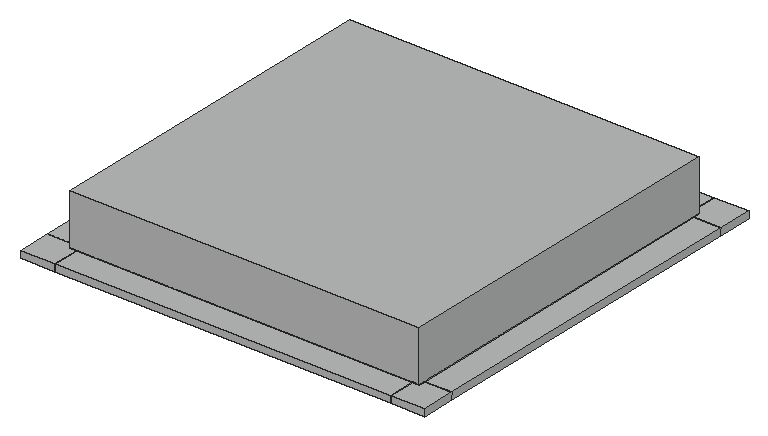
Revit family "ALUMOGIPS", category Осветительные приборы, Revit 2019 (continued)
Types (72, lengths in mm): name | Файл фотометрической сетки | built-in parameter 1150105 | Lumens | built-in parameter 1150106 | built-in parameter 1150142 | Wattage | Emit from Rectangle Width | Emit from Rectangle Length | Длина | Материал светильника | Ширина | ADSK_Ток | ADSK_Полная мощность | ADSK_Обозначение | ADSK_Номинальная мощность | ADSK_Наименование | ADSK_Масса | ADSK_Код изделия
    3.554 2747.869 2736.695 2720.030 2698.760 2673.175 2643.671 2608.970 2570.448 2527.808 2480.757 2430.863 2376.755 2319.509 2259.520 2196.099 2130.424 \r\n2062.102 1991.820 1918.695 1844.296 1768.034 1690.302 1611.100 1530.428 1448.383 1365.946 1278.313 1192.838 1108.440 1022.474 936.998 851.915 766.341 682.042 598.330 516.579 \r\n436.789 360.037 286.520 217.610 151.053 91.260 36.955 3.725 3.627 3.529 3.431 3.431 3.332 3.234 3.137 3.039 2.941 2.941 2.842 2.744 2.647 2.549 2.450 2.352 2.352 2.254 2.157 2.059 1.960 1.862 1.862 \r\n1.764 1.667 1.569 1.470 1.372 1.372 1.274 1.177 1.078 0.980 0.882 0.784 0.784 0.687 0.588 0.490 0.392 0.294 0.294 0.196 0.098 0.000 \r\n2755.907 2753.456 2747.770 2736.400 2719.737 2698.368 2672.685 2643.083 2608.285 2569.761 2527.122 2480.070 2430.079 2375.873 2318.627 2258.638 2195.119 2129.443 \r\n2061.122 1990.840 1917.715 1843.316 1767.054 1689.322 1610.120 1529.546 1447.501 1365.063 1277.431 1192.053 1107.656 1021.788 936.410 851.326 765.851 681.552 597.938 516.285 \r\n436.494 359.841 286.422 217.513 151.053 91.161 36.955 3.725 3.627 3.529 3.431 3.431 3.332 3.234 3.137 3.039 2.941 2.941 2.842 2.744 2.647 2.549 2.450 2.352 2.352 2.254 2.157 2.059 1.960 1.862 1.862 \r\n1.764 1.667 1.569 1.470 1.372 1.372 1.274 1.177 1.078 0.980 0.882 0.784 0.784 0.687 0.588 0.490 0.392 0.294 0.294 0.196 0.098 0.000 \r\n2755.907 2753.554 2747.869 2736.695 2720.030 2698.760 2673.175 2643.671 2608.970 2570.448 2527.808 2480.757 2430.863 2376.755 2319.509 2259.520 2196.099 2130.424 \r\n2062.102 1991.820 1918.695 1844.296 1768.034 1690.302 1611.100 1530.428 1448.383 1365.946 1278.313 1192.838 1108.440 1022.474 936.998 851.915 766.341 682.042 598.330 516.579 \r\n436.789 360.037 286.520 217.610 151.053 91.260 36.955 3.725 3.627 3.529 3.431 3.431 3.332 3.234 3.137 3.039 2.941 2.941 2.842 2.744 2.647 2.549 2.450 2.352 2.352 2.254 2.157 2.059 1.960 1.862 1.862 \r\n1.764 1.667 1.569 1.470 1.372 1.372 1.274 1.177 1.078 0.980 0.882 0.784 0.784 0.687 0.588 0.490 0.392 0.294 0.294 0.196 0.098 0.000 \r\n2755.907 2753.652 2747.967 2736.890 2720.324 2699.151 2673.763 2644.161 2609.657 2571.133 2528.494 2481.542 2431.648 2377.539 2320.392 2260.402 2197.079 2131.307 \r\n2063.083 1992.800 1919.675 1845.276 1769.014 1691.282 1612.081 1531.408 1449.363 1366.828 1279.294 1193.720 1109.126 1023.259 937.685 852.503 766.831 682.434 598.722 516.874 \r\n437.083 360.233 286.717 217.708 151.151 91.260 37.053 3.725 3.627 3.529 3.529 3.431 3.332 3.234 3.137 3.039 2.941 2.941 2.842 2.744 2.647 2.549 2.450 2.450 2.352 2.254 2.157 2.059 1.960 1.862 1.862 \r\n1.764 1.667 1.569 1.470 1.372 1.372 1.274 1.177 1.078 0.980 0.882 0.784 0.784 0.687 0.588 0.490 0.392 0.294 0.294 0.196 0.098 0.000 \r\n2755.907 2753.750 2748.162 2737.185 2720.619 2699.641 2674.254 2644.748 2610.245 2571.820 2529.180 2482.227 2432.432 2378.421 2321.274 2261.284 2198.060 2132.287 \r\n2064.063 1993.682 1920.754 1846.355 1769.995 1692.262 1612.963 1532.290 1450.245 1367.710 1280.176 1194.504 1109.910 1023.944 938.370 852.993 767.419 682.924 599.114 517.265 \r\n437.279 360.429 286.912 217.806 151.249 91.357 37.150 3.725 3.627 3.529 3.529 3.431 3.332 3.234 3.137 3.039 2.941 2.941 2.842 2.744 2.647 2.549 2.450 2.450 2.352 2.254 2.157 2.059 1.960 1.862 1.862 \r\n1.764 1.667 1.569 1.470 1.372 1.372 1.274 1.177 1.078 0.980 0.882 0.784 0.784 0.687 0.588 0.490 0.392 0.294 0.294 0.196 0.098 0.000 \r\n2755.907 2753.946 2748.260 2737.478 2720.912 2700.033 2674.744 2645.337 2610.931 2572.507 2529.769 2483.012 2433.216 2379.303 2322.156 2262.167 2199.040 2133.267 \r\n2064.945 1994.662 1921.734 1847.335 1770.975 1693.244 1613.943 1533.270 1451.127 1368.494 1281.058 1195.288 1110.695 1024.631 938.959 853.581 767.909 683.414 599.507 517.559 \r\n437.573 360.625 287.010 217.904 151.347 91.455 37.150 3.725 3.627 3.529 3.529 3.431 3.332 3.234 3.137 3.039 2.941 2.941 2.842 2.744 2.647 2.549 2.450 2.450 2.352 2.254 2.157 2.059 1.960 1.862 1.862 \r\n1.764 1.667 1.569 1.470 1.372 1.372 1.274 1.177 1.078 0.980 0.882 0.784 0.784 0.687 0.588 0.490 0.392 0.294 0.294 0.196 0.098 0.000 \r\n2755.907 2754.044 2748.359 2737.675 2721.304 2700.425 2675.332 2645.925 2611.617 2573.192 2530.454 2483.697 2434.000 2380.185 2322.940 2263.049 2200.021 2134.149 \r\n2065.925 1995.642 1922.714 1848.315 1772.053 1694.224 1614.923 1534.152 1452.107 1369.377 1282.038 1196.170 1111.380 1025.316 939.645 854.170 768.399 683.806 599.899 517.854 \r\n437.868 360.822 287.207 218.003 151.445 91.455 37.248 3.725 3.627 3.529 3.529 3.431 3.332 3.234 3.137 3.039 3.039 2.941 2.842 2.744 2.647 2.549 2.450 2.450 2.352 2.254 2.157 2.059 1.960 1.862 1.862 \r\n1.764 1.667 1.569 1.470 1.372 1.372 1.274 1.177 1.078 0.980 0.882 0.784 0.784 0.687 0.588 0.490 0.392 0.294 0.294 0.196 0.098 0.000 \r\n2755.907 2754.142 2748.457 2737.968 2721.599 2700.818 2675.822 2646.415 2612.304 2573.879 2531.141 2484.482 2434.785 2380.970 2323.823 2263.931 2201.001 2135.129 \r\n2066.905 1996.624 1923.694 1849.295 1773.033 1695.204 1615.903 1535.132 1452.990 1370.259 1282.921 1196.954 1112.165 1026.101 940.234 854.757 768.890 684.296 600.291 518.147 \r\n438.161 361.017 287.402 218.100 151.445 91.553 37.248 3.725 3.627 3.529 3.529 3.431 3.332 3.234 3.137 3.039 3.039 2.941 2.842 2.744 2.647 2.549 2.450 2.450 2.352 2.254 2.157 2.059 1.960 1.960 1.862 \r\n1.764 1.667 1.569 1.470 1.372 1.372 1.274 1.177 1.078 0.980 0.882 0.784 0.784 0.687 0.588 0.490 0.392 0.294 0.294 0.196 0.098 0.000 \r\n2755.907 2754.240 2748.652 2738.262 2721.892 2701.210 2676.410 2647.004 2612.989 2574.564 2531.826 2485.168 2435.569 2381.852 2324.705 2264.813 2201.981 2136.109 \r\n2067.885 1997.604 1924.674 1850.276 1774.014 1696.184 1616.883 1536.015 1453.872 1371.141 1283.901 1197.739 1112.949 1026.788 940.919 855.345 769.380 684.688 600.682 518.539 \r\n438.358 361.214 287.500 218.296 151.543 91.553 37.347 3.725 3.627 3.627 3.529 3.431 3.332 3.234 3.137 3.039 3.039 2.941 2.842 2.744 2.647 2.549 2.450 2.450 2.352 2.254 2.157 2.059 1.960 1.960 1.862 \r\n1.764 1.667 1.569 1.470 1.372 1.372 1.274 1.177 1.078 0.980 0.882 0.784 0.784 0.687 0.588 0.490 0.392 0.294 0.294 0.196 0.098 0.000 \r\n2755.907 2754.338 2748.751 2738.557 2722.187 2701.700 2676.901 2647.592 2613.676 2575.251 2532.513 2485.854 2436.352 2382.734 2325.587 2265.696 2202.961 2136.991 \r\n2068.866 1998.584 1925.753 1851.354 1774.994 1697.164 1617.864 1536.995 1454.852 1372.023 1284.783 1198.621 1113.635 1027.473 941.606 855.934 769.968 685.178 601.074 518.834 \r\n438.651 361.409 287.697 218.395 151.641 91.651 37.445 3.725 3.627 3.627 3.529 3.431 3.332 3.234 3.137 3.039 3.039 2.941 2.842 2.744 2.647 2.549 2.450 2.450 2.352 2.254 2.157 2.059 1.960 1.960 1.862 \r\n1.764 1.667 1.569 1.470 1.372 1.372 1.274 1.177 1.078 0.980 0.882 0.784 0.784 0.687 0.588 0.490 0.392 0.294 0.294 0.196 0.098 0.000 \r\n2755.907 2754.436 2748.849 2738.752 2722.481 2702.092 2677.391 2648.179 2614.264 2576.035 2533.199 2486.638 2437.137 2383.616 2326.469 2266.578 2203.941 2137.971 \r\n2069.846 1999.466 1926.733 1852.334 1775.974 1698.145 1618.746 1537.877 1455.734 1372.905 1285.665 1199.405 1114.419 1028.160 942.194 856.424 770.458 685.668 601.467 519.128 \r\n438.945 361.606 287.892 218.493 151.739 91.651 37.445 3.725 3.627 3.627 3.529 3.431 3.332 3.234 3.137 3.039 3.039 2.941 2.842 2.744 2.647 2.549 2.549 2.450 2.352 2.254 2.157 2.059 1.960 1.960 1.862 \r\n1.764 1.667 1.569 1.470 1.372 1.372 1.274 1.177 1.078 0.980 0.882 0.882 0.784 0.687 0.588 0.490 0.392 0.294 0.294 0.196 0.098 0.000 \r\n2755.907 2754.632 2748.947 2739.047 2722.774 2702.484 2677.979 2648.669 2614.950 2576.721 2533.885 2487.325 2437.921 2384.401 2327.352 2267.460 2204.922 2138.952 \r\n2070.729 2000.446 1927.713 1853.314 1776.954 1699.125 1619.726 1538.857 1456.616 1373.787 1286.645 1200.189 1115.204 1028.943 942.880 857.012 770.948 686.061 601.859 519.422 \r\n439.240 361.899 287.991 218.590 151.837 91.750 37.543 3.725 3.627 3.627 3.529 3.431 3.332 3.234 3.137 3.039 3.039 2.941 2.842 2.744 2.647 2.549 2.549 2.450 2.352 2.254 2.157 2.059 1.960 1.960 1.862 \r\n1.764 1.667 1.569 1.470 1.372 1.372 1.274 1.177 1.078 0.980 0.882 0.882 0.784 0.687 0.588 0.490 0.392 0.294 0.294 0.196 0.098 0.000 \r\n2755.907 2754.730 2749.045 2739.340 2723.069 2702.877 2678.469 2649.258 2615.636 2577.407 2534.571 2488.108 2438.706 2385.283 2328.234 2268.342 2205.902 2139.835 \r\n2071.709 2001.426 1928.693 1854.295 1777.934 1700.105 1620.706 1539.739 1457.596 1374.571 1287.527 1201.071 1115.889 1029.630 943.468 857.600 771.438 686.551 602.251 519.814 \r\n439.435 362.096 288.187 218.688 151.837 91.750 37.640 3.725 3.627 3.627 3.529 3.431 3.332 3.234 3.137 3.137 3.039 2.941 2.842 2.744 2.647 2.549 2.549 2.450 2.352 2.254 2.157 2.059 1.960 1.960 1.862 \r\n1.764 1.667 1.569 1.470 1.372 1.372 1.274 1.177 1.078 0.980 0.882 0.882 0.784 0.687 0.588 0.490 0.392 0.294 0.294 0.196 0.098 0.000 \r\n2755.907 2754.828 2749.241 2739.537 2723.363 2703.269 2678.959 2649.846 2616.323 2578.093 2535.160 2488.795 2439.489 2386.165 2329.116 2269.224 2206.882 2140.815 \r\n2072.689 2002.407 1929.772 1855.373 1778.915 1701.183 1621.686 1540.720 1458.479 1375.453 1288.409 1201.856 1116.674 1030.316 944.154 858.188 772.027 687.041 602.643 520.108 \r\n439.730 362.292 288.382 218.786 151.936 91.847 37.640 3.725 3.725 3.627 3.529 3.431 3.332 3.234 3.137 3.137 3.039 2.941 2.842 2.744 2.647 2.549 2.549 2.450 2.352 2.254 2.157 2.059 1.960 1.960 1.862 \r\n1.764 1.667 1.569 1.470 1.372 1.372 1.274 1.177 1.078 0.980 0.882 0.882 0.784 0.687 0.588 0.490 0.392 0.294 0.294 0.196 0.098 0.000 \r\n2755.907 2754.926 2749.339 2739.831 2723.756 2703.759 2679.546 2650.434 2617.008 2578.780 2535.845 2489.579 2440.274 2386.950 2329.998 2270.107 2207.862 2141.795 \r\n2073.669 2003.387 1930.752 1856.353 1779.993 1702.164 1622.666 1541.602 1459.361 1376.336 1289.390 1202.640 1117.458 1031.002 944.742 858.776 772.517 687.433 603.036 520.403 \r\n440.023 362.488 288.481 218.885 152.033 91.945 37.739 3.725 3.725 3.627 3.529 3.431 3.332 3.234 3.137 3.137 3.039 2.941 2.842 2.744 2.647 2.549 2.549 2.450 2.352 2.254 2.157 2.059 1.960 1.960 1.862 \r\n1.764 1.667 1.569 1.470 1.470 1.372 1.274 1.177 1.078 0.980 0.882 0.882 0.784 0.687 0.588 0.490 0.392 0.294 0.294 0.196 0.098 0.000 \r\n2755.907 2755.025 2749.437 2740.125 2724.049 2704.151 2680.037 2650.924 2617.597 2579.466 2536.532 2490.265 2441.058 2387.832 2330.783 2270.989 2208.842 2142.677 \r\n2074.650 2004.367 1931.732 1857.333 1780.973 1703.144 1623.549 1542.582 1460.341 1377.218 1290.272 1203.522 1118.144 1031.786 945.428 859.364 773.007 687.923 603.428 520.696 \r\n440.318 362.684 288.677 218.983 152.131 91.945 37.739 3.725 3.725 3.627 3.529 3.431 3.332 3.234 3.137 3.137 3.039 2.941 2.842 2.744 2.647 2.549 2.549 2.450 2.352 2.254 2.157 2.059 1.960 1.960 1.862 \r\n1.764 1.667 1.569 1.470 1.470 1.372 1.274 1.177 1.078 0.980 0.882 0.882 0.784 0.687 0.588 0.490 0.392 0.294 0.294 0.196 0.098 0.000 \r\n2755.907 2755.122 2749.535 2740.321 2724.343 2704.542 2680.527 2651.513 2618.283 2580.152 2537.218 2491.049 2441.842 2388.714 2331.665 2271.871 2209.823 2143.657 \r\n2075.630 2005.249 1932.712 1858.314 1781.953 1704.124 1624.530 1543.465 1461.223 1378.100 1291.252 1204.307 1118.928 1032.472 946.115 859.953 773.497 688.315 603.820 521.088 \r\n440.513 362.879 288.873 219.081 152.229 92.043 37.837 3.725 3.725 3.627 3.529 3.431 3.332 3.234 3.137 3.137 3.039 2.941 2.842 2.744 2.647 2.549 2.549 2.450 2.352 2.254 2.157 2.059 2.059 1.960 1.862 \r\n1.764 1.667 1.569 1.470 1.470 1.372 1.274 1.177 1.078 0.980 0.882 0.882 0.784 0.687 0.588 0.490 0.392 0.294 0.294 0.196 0.098 0.000 \r\n2755.907 2755.318 2749.633 2740.615 2724.638 2704.934 2681.115 2652.101 2618.969 2580.838 2537.904 2491.735 2442.626 2389.596 2332.547 2272.753 2210.803 2144.637 \r\n2076.512 2006.229 1933.693 1859.294 1782.934 1705.104 1625.510 1544.445 1462.105 1378.982 1292.134 1205.090 1119.713 1033.159 946.703 860.443 774.085 688.805 604.211 521.383 \r\n440.808 363.076 288.971 219.178 152.229 92.043 37.935 3.725 3.725 3.627 3.529 3.431 3.332 3.234 3.137 3.137 3.039 2.941 2.842 2.744 2.647 2.647 2.549 2.450 2.352 2.254 2.157 2.059 2.059 1.960 1.862 \r\n1.764 1.667 1.569 1.470 1.470 1.372 1.274 1.177 1.078 0.980 0.882 0.882 0.784 0.687 0.588 0.490 0.392 0.294 0.294 0.196 0.098 0.000 \r\n2755.907 2755.417 2749.829 2740.909 2724.931 2705.327 2681.605 2652.591 2619.655 2581.524 2538.590 2492.422 2443.410 2390.380 2333.429 2273.636 2211.783 2145.519 \r\n2077.492 2007.209 1934.771 1860.371 1783.914 1706.084 1626.490 1545.327 1463.086 1379.865 1293.016 1205.874 1120.398 1033.844 947.389 861.031 774.575 689.295 604.603 521.676 \r\n441.102 363.272 289.167 219.277 152.327 92.142 37.935 3.823 3.725 3.627 3.529 3.431 3.332 3.234 3.234 3.137 3.039 2.941 2.842 2.744 2.647 2.647 2.549 2.450 2.352 2.254 2.157 2.059 2.059 1.960 1.862 \r\n1.764 1.667 1.569 1.470 1.470 1.372 1.274 1.177 1.078 0.980 0.882 0.882 0.784 0.687 0.588 0.490 0.392 0.294 0.294 0.196 0.098 0.000 \r\n2755.907 2755.515 2749.927 2741.203 2725.226 2705.817 2682.095 2653.178 2620.341 2582.210 2539.276 2493.206 2444.195 2391.262 2334.312 2274.616 2212.763 2146.500 \r\n2078.472 2008.190 1935.751 1861.352 1784.894 1707.065 1627.470 1546.307 1463.968 1380.649 1293.997 1206.757 1121.183 1034.629 947.977 861.619 775.065 689.687 604.996 521.971 \r\n441.396 363.468 289.363 219.375 152.426 92.142 38.033 3.823 3.725 3.627 3.529 3.431 3.332 3.234 3.234 3.137 3.039 2.941 2.842 2.744 2.647 2.647 2.549 2.450 2.352 2.254 2.157 2.059 2.059 1.960 1.862 \r\n1.764 1.667 1.569 1.470 1.470 1.372 1.274 1.177 1.078 0.980 0.882 0.882 0.784 0.687 0.588 0.490 0.392 0.294 0.294 0.196 0.098 0.000 \r\n2755.907 2755.612 2750.025 2741.399 2725.520 2706.209 2682.683 2653.767 2620.929 2582.897 2539.963 2493.892 2444.979 2392.144 2335.194 2275.498 2213.743 2147.480 \r\n2079.452 2009.170 1936.731 1862.333 1785.874 1708.045 1628.352 1547.189 1464.851 1381.531 1294.879 1207.541 1121.869 1035.315 948.664 862.207 775.555 690.177 605.388 522.363 \r\n441.592 363.762 289.461 219.473 152.523 92.240 38.130 3.823 3.725 3.627 3.529 3.431 3.332 3.234 3.234 3.137 3.039 2.941 2.842 2.744 2.647 2.647 2.549 2.450 2.352 2.254 2.157 2.059 2.059 1.960 1.862 \r\n1.764 1.667 1.569 1.470 1.470 1.372 1.274 1.177 1.078 0.980 0.882 0.882 0.784 0.687 0.588 0.490 0.392 0.294 0.294 0.196 0.098 0.000 \r\n2755.907 2755.710 2750.124 2741.693 2725.813 2706.601 2683.174 2654.355 2621.616 2583.582 2540.551 2494.676 2445.762 2392.929 2336.076 2276.380 2214.724 2148.362 \r\n2080.432 2010.053 1937.712 1863.313 1786.854 1709.025 1629.332 1548.169 1465.831 1382.413 1295.762 1208.325 1122.654 1036.001 949.349 862.795 776.143 690.667 605.780 522.657 \r\n441.887 363.958 289.657 219.571 152.621 92.240 38.130 3.823 3.725 3.627 3.529 3.431 3.332 3.234 3.234 3.137 3.039 2.941 2.842 2.744 2.647 2.647 2.549 2.450 2.352 2.254 2.157 2.059 2.059 1.960 1.862 \r\n1.764 1.667 1.569 1.470 1.470 1.372 1.274 1.177 1.078 0.980 0.882 0.882 0.784 0.687 0.588 0.490 0.392 0.294 0.294 0.196 0.098 0.000 \r\n2755.907 2755.808 2750.319 2741.987 2726.108 2706.993 2683.762 2654.845 2622.302 2584.269 2541.237 2495.363 2446.547 2393.811 2336.958 2277.262 2215.704 2149.342 \r\n2081.413 2011.033 1938.692 1864.293 1787.835 1710.005 1630.312 1549.051 1466.713 1383.296 1296.742 1209.208 1123.437 1036.688 949.937 863.383 776.633 691.060 606.172 522.951 \r\n442.180 364.154 289.853 219.767 152.621 92.337 38.229 3.823 3.725 3.627 3.529 3.431 3.332 3.234 3.234 3.137 3.039 2.941 2.842 2.744 2.647 2.647 2.549 2.450 2.352 2.254 2.157 2.059 2.059 1.960 1.862 \r\n1.764 1.667 1.569 1.470 1.470 1.372 1.274 1.177 1.078 0.980 0.882 0.882 0.784 0.687 0.588 0.490 0.392 0.294 0.294 0.196 0.098 0.000 \r\n2755.907 2756.005 2750.417 2742.183 2726.500 2707.385 2684.252 2655.433 2622.988 2584.955 2541.923 2496.146 2447.331 2394.693 2337.839 2278.144 2216.684 2150.322 \r\n2082.295 2012.013 1939.770 1865.370 1788.913 1710.985 1631.293 1550.032 1467.693 1384.178 1297.624 1209.991 1124.124 1037.472 950.624 863.972 777.123 691.550 606.564 523.245 \r\n442.474 364.350 289.951 219.865 152.719 92.435 38.229 3.823 3.725 3.627 3.529 3.431 3.332 3.332 3.234 3.137 3.039 2.941 2.842 2.744 2.744 2.647 2.549 2.450 2.352 2.254 2.
